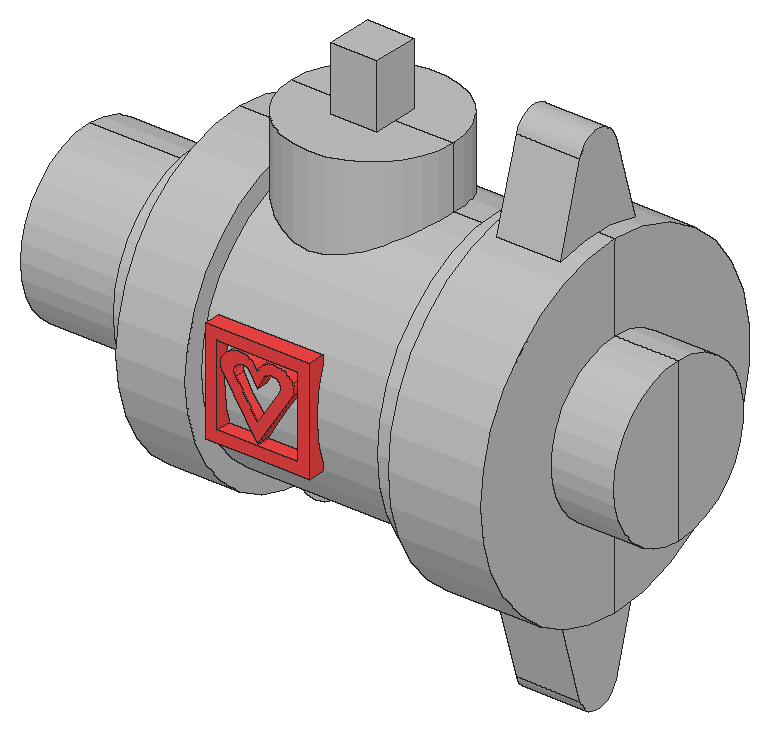
Revit family "Boiler filling and draining valve 2512 11", category Rohrzubehör, Revit 2018
Family settings
  Bemaßung runder Anschluss = Durchmesser verwenden
  Teiletyp = Normal
  OmniClass-Nummer = 23.65.55.14
  OmniClass-Titel = Valves for Liquid Services
  Arbeitsebenenbasiert = Nein
  Immer vertikal = Ja
  Beim Laden mit Abzugskörper schneiden = Nein
  Gemeinsam genutzt = Nein
Parameters
  min. Operating temperature = -30 °C  # constant formula
  max. Operating temperature = 110 °C  # constant formula
  max. Operating pressure = 1000000.0 Pa  # constant formula
  URL = "www.herzvalves.com"
  Spindle = "brass CW614N "  # constant formula
  SCTWSEQ = "ENT;AO;1"
  SCTWCODE = "01;10;01"  # constant formula
  SCRNSEQ = "ARM;ARM_TYP=\"ABSV\";1"
  SCRNCODE = "05;08;01"  # constant formula
  S04 = 45.000 mm  # constant formula
  S03 = 16.000 mm  # constant formula
  S02 = L00 - L01  # 24.500 mm
  S01 = L00 + (L09 - L05)  # 51.000 mm
  R99 = 2.000 mm  # constant formula
  R01 = 7.000 mm  # constant formula
  Part number [instance] = if(Nennweite = 15.000 mm, 1251211, 0)  # 1251211
  Nennweite [instance] = 15.000 mm  # constant formula
  Medium = "heating water according ÖNORM H5195 or VDI-Standard 2035.\r\nthe use of ethylene, or propylene glycol in a mixing ratio 25-50% is allowed."
  L10 = L01 - L05 + 1.000 mm  # 14.000 mm
  L09 = 13.500 mm  # constant formula
  L08 = 8.000 mm  # constant formula
  L07 = 4.000 mm  # constant formula
  L06 = 19.000 mm  # constant formula
  L05 = 6.500 mm  # constant formula
  L04 = 9.500 mm  # constant formula
  L03 = 8.500 mm  # constant formula
  L02 = 13.000 mm  # constant formula
  L01 = 19.500 mm  # constant formula
  L00 = 44.000 mm  # constant formula
  Ball = "forged brass CW617N, full bore, surface chrome plated"  # constant formula
  Hersteller = "Herz-Armaturen GmbH"  # constant formula
  H00 = 17.000 mm  # constant formula
  Body = "forged brass CW617N "  # constant formula
  G02 = 13.200 mm  # constant formula
  G01 [instance] = Nennweite / 2  # 7.500 mm
  Sealings = "ball: PTFE; spindle: PTFE "  # constant formula
  D08 = 7.000 mm  # constant formula
  D07 = 14.500 mm  # constant formula
  D06 = 12.100 mm  # constant formula
  D05 = 13.400 mm  # constant formula
  D04 = 11.100 mm  # constant formula
  D03 = 11.700 mm  # constant formula
  D02 = 9.300 mm  # constant formula
  D01 [instance] = G01 - 1.500 mm  # 6.000 mm
  Application = "the drain valves are installed as valves to fill and drain systems.\r\nfields of application are building services, such as in heating or chilled water plant in buildings.\r\naromatic chlorinated hydrocarbons such as natural gas or petroleum occurring in, destroy the EPDM seals."
Reference planes
  plane 1 "Mitte (Vorne/hinten)": y = 0
  plane 2: z = 0
  plane 3 "Mitte (Links/rechts)": x = 0
Forms (mm)
  Revolve 1, solid, material "Messing vernickelt", detail levels fine
    sketch origin (0, 0, 0) x (1, 0, 0) y (0, 0, 1)
      loop
        line (-18, 0) -> (13, 0) -> (13, 11.1) -> (19.5, 11.1) -> (19.5, 13.2) -> (11, 13.2) -> (11, 11.7) -> (-5.5, 11.7) -> (-5.5, 13.4) -> (-11.5, 13.4) -> (-11.5, 9.3) -> (-15, 9.3) -> (-15, 7.5) -> (-24.5, 7.5) -> (-24.5, 6) -> (-18, 6) -> (-18, 0)
      axis (-24.5, 0) -> (19.5, 0)
    angle from 0 to 360
  Extrusion 2, solid, material "Messing vernickelt", detail levels fine
    sketch origin (0, 0, 0) x (1, 0, 0) y (0, 0, 1)
      loop
        line (-2, -12.1) -> (-2, -11.3) -> (-5.52, -11.3) -> (-5.52, -13.4)
        arc (-5.52, -13.4) -> (-3.307, -13.976) -> (-2, -12.1) r 2
    from 1 to -1
  Revolve 3, solid, material "Messing vernickelt", detail levels fine
    sketch origin (0, 0, 0) x (1, 0, 0) y (0, 0, 1)
      loop
        line (0, 0) -> (0, 17) -> (-7, 17) -> (-7, 0) -> (0, 0)
      axis (0, 17) -> (0, 0)
    angle from 0 to 360
  Extrusion 4, solid, material "Messing vernickelt", detail levels fine
    sketch origin (0, 0, 0) x (1, 0, 0) y (0, 1, 0)
      loop
        line (-2, 2) -> (-2, -2) -> (2, -2) -> (2, 2) -> (-2, 2)
    from 17 to 22.5
  Revolve 5, solid, material "Messing vernickelt", detail levels fine
    sketch origin (0, 0, 0) x (1, 0, 0) y (0, 0, 1)
      loop
        line (13, 14.5) -> (13, 13.2) -> (19.5, 13.2) -> (19.5, 0) -> (26.5, 0) -> (26.5, 7) -> (21, 7) -> (21, 14.5) -> (13, 14.5)
      axis (13, 0) -> (26.5, 0)
    angle from 0 to 360
  Extrusion 6, solid, material "Messing vernickelt", detail levels fine
    sketch origin (0, 0, 0) x (0, 1, 0) y (0, 0, 1)
      loop
        line (4, 13.937) -> (1.92, 21.061)
        arc (1.92, 21.061) -> (0, 22.5) -> (-1.92, 21.061) r 2
        line (-1.92, 21.061) -> (-4, 13.937)
        arc (-4, 13.937) -> (0, 14.5) -> (4, 13.937) r 14.5
      loop
        arc (4, -13.937) -> (0, -14.5) -> (-4, -13.937) r 14.5
        line (-4, -13.937) -> (-1.92, -21.061)
        arc (-1.92, -21.061) -> (0, -22.5) -> (1.92, -21.061) r 2
        line (1.92, -21.061) -> (4, -13.937)
    from 14 to 19.5
Lines and regions (mm)
  model lines, detail levels coarse+medium
    curve 1: line (-24.5, 0, 0) -> (26.5, 0, 0)
    curve 2: line (16, 0, 22.5) -> (16, 0, -22.5)
    curve 3: line (16, -22.5, 0) -> (16, 22.5, 0)
Dimensions and locks
  "L00": Revolve 1 sketch curve to Revolve 1 sketch curve
  "L03": Revolve 1 sketch curve to Revolve 1 sketch curve
  "L05": Revolve 1 sketch curve to Revolve 1 sketch curve  (x2)
  "L01": Revolve 1 sketch curve to plane 3 "Mitte (Links/rechts)"
  "L04": Revolve 1 sketch curve to Revolve 1 sketch curve
  "L02": Revolve 1 sketch curve to Revolve 1 sketch curve
  "D01": Revolve 1 sketch curve to plane 2
  "G01": Revolve 1 sketch curve to plane 2
  "D04": Revolve 1 sketch curve to plane 2
  "D02": Revolve 1 sketch curve to plane 2
  "G02": Revolve 1 sketch curve to plane 2
  "D03": Revolve 1 sketch curve to plane 2
  "D05": Revolve 1 sketch curve to plane 2
  "L06": Revolve 1 sketch curve to Revolve 1 sketch curve
  "L07": plane 3 "Mitte (Links/rechts)" to Extrusion 2 sketch curve
  "D06": plane 2 to Extrusion 2 sketch curve
  "R01": plane 3 "Mitte (Links/rechts)" to Revolve 3 sketch curve
  "H00": Revolve 3 sketch curve to plane 2
  "G02": Revolve 5 sketch curve to plane 2
  "D07": Revolve 5 sketch curve to plane 2
  "L01": plane 3 "Mitte (Links/rechts)" to Revolve 5 sketch curve
  "L05": Revolve 5 sketch curve to Revolve 1
  "L08": Revolve 5 sketch curve to Revolve 5 sketch curve
  "D08": Revolve 5 sketch curve to plane 2
  "L09": Revolve 5 sketch curve to Revolve 5 sketch curve
  "L10": plane 3 "Mitte (Links/rechts)" to Extrusion 6
  "S01": curve 1 to curve 1
  "S03": plane 3 "Mitte (Links/rechts)" to curve 2
  "S02": plane 3 "Mitte (Links/rechts)" to curve 1
  equal spacing: curve 2, plane 2, curve 2
  "S04": curve 2 to curve 2
  "S04": curve 3 to curve 3
  equal spacing: curve 3, plane 1 "Mitte (Vorne/hinten)", curve 3
  "S03": plane 3 "Mitte (Links/rechts)" to curve 3
  "D03": nested 1 to plane 1 "Mitte (Vorne/hinten)"
  "R99": radius of Extrusion 2 sketch curve
  aligned and locked: level to plane 2
Automatic sketch dimensions
  plane 1 "Mitte (Vorne/hinten)" to Extrusion 4 sketch curve = 2.000 mm
  plane 3 "Mitte (Links/rechts)" to Extrusion 4 sketch curve = 2.000 mm
  Extrusion 4 sketch curve to plane 1 "Mitte (Vorne/hinten)" = 2.000 mm
  Extrusion 4 sketch curve to plane 3 "Mitte (Links/rechts)" = 2.000 mm
  Extrusion 6 sketch curve to Extrusion 6 sketch curve = 0.000 mm  (x2)
  Extrusion 6 sketch curve to plane 1 "Mitte (Vorne/hinten)" = 0.000 mm  (x3)
  Extrusion 6 sketch curve to level = 0.000 mm
  plane 1 "Mitte (Vorne/hinten)" to Extrusion 6 sketch curve = 1.920 mm  (x2)
  plane 1 "Mitte (Vorne/hinten)" to Extrusion 6 sketch curve = 4.000 mm  (x2)
  Extrusion 6 sketch curve to plane 1 "Mitte (Vorne/hinten)" = 1.920 mm  (x2)
  Extrusion 6 sketch curve to plane 1 "Mitte (Vorne/hinten)" = 4.000 mm  (x2)
  Extrusion 6 sketch curve to level = 13.937 mm
  Extrusion 6 sketch curve to Extrusion 6 sketch curve = 6.563 mm  (x2)
  Extrusion 6 sketch curve to Extrusion 6 sketch curve = 0.561 mm  (x2)
  level to Extrusion 6 sketch curve = 13.937 mm
  curve 1 to level = 0.000 mm
  Revolve 1 sketch curve to level = 0.000 mm  (x2)
  Revolve 1 sketch curve to Revolve 1 sketch curve = 1482.030 mm
  Revolve 1 sketch curve to Revolve 1 sketch curve = 1819.648 mm
  Extrusion 2 sketch curve to Extrusion 2 sketch curve = 1.520 mm
  Extrusion 2 sketch curve to Extrusion 2 sketch curve = 0.800 mm
  Revolve 3 sketch curve to level = 0.000 mm
  Revolve 3 sketch curve to plane 3 "Mitte (Links/rechts)" = 0.000 mm  (x2)
  Revolve 3 sketch curve to level = 366.045 mm
  Revolve 3 sketch curve to Revolve 3 sketch curve = 2197.315 mm
  Revolve 5 sketch curve to level = 0.000 mm  (x2)
  Revolve 5 sketch curve to plane 3 "Mitte (Links/rechts)" = 1506.530 mm
  Revolve 5 sketch curve to Revolve 5 sketch curve = 1812.648 mm
Nested families
  nested 1: "Herz-Logo-vorne" at (0, -11.7, 0) x (0, 1, 0) z (0, 0, 1), type "Herz-Logo-vorne"
Connectors
  piping at (-24.5, 0, 0), diameter 15, driven by "Nennweite"
    settings: on Revolve 1, index 1, connector inside diameter 609.6 mm, connector length 0.000 mm, flow factor 0, pipe flow 0.0 L/s, pressure drop 0.0 Pa, fitting loss kfactor 0, connector angle 0.00°, fixture units 0, engagement length 0.000 mm, angle of deflection 0.00°, flow configuration 0, flow direction 0, fitting loss method 0, system type 29, joint type 0, gender type 0, connector reference index -1, connector utility 0, adjustable connector no, is connector primary yes, connector description ""
Definition of nested family "Herz-Logo-vorne"
  Reference planes
    plane 1 "Mitte (Vorne/hinten)": y = 0
    plane 2: z = 0
    plane 3 "Mitte (Links/rechts)": x = 0
  Forms (mm)
    Extrusion 1, solid
      sketch origin (0.732, -0.018, 0.017) x (0, -1, 0) y (0, 0, 1)
        loop
          line (-0.018, -4.517) -> (4.482, -4.517) -> (4.482, 4.483) -> (-4.518, 4.483) -> (-4.518, -4.517) -> (-0.018, -4.517)
        loop
          line (-0.05, -3.48) -> (3.482, -3.48) -> (3.482, 3.483) -> (-3.518, 3.483) -> (-3.518, -3.48) -> (-0.05, -3.48)
        loop
          arc (-0.018, 2.383) -> (-1.543, 3.287) -> (-3.067, 2.383) r 1.738
          arc (-3.067, 2.383) -> (-3.191, 1.899) -> (-3.067, 1.415) r 1.009
          line (-3.067, 1.415) -> (-0.018, -3.281) -> (3.032, 1.415)
          arc (3.032, 1.415) -> (3.156, 1.899) -> (3.032, 2.383) r 1.009
          arc (3.032, 2.383) -> (1.507, 3.287) -> (-0.018, 2.383) r 1.738
        loop
          arc (1.885, 1.272) -> (2.005, 1.675) -> (1.885, 2.079) r 0.74
          arc (1.885, 2.079) -> (1.265, 2.416) -> (0.644, 2.079) r 0.74
          line (0.644, 2.079) -> (-0.018, 0.97) -> (-0.679, 2.079)
          arc (-0.679, 2.079) -> (-1.3, 2.416) -> (-1.921, 2.079) r 0.74
          arc (-1.921, 2.079) -> (-2.04, 1.675) -> (-1.921, 1.272) r 0.74
          line (-1.921, 1.272) -> (-0.018, -1.658) -> (1.885, 1.272)
      from 0 to 1.5
  Dimensions and locks
    aligned and locked: level to plane 2
